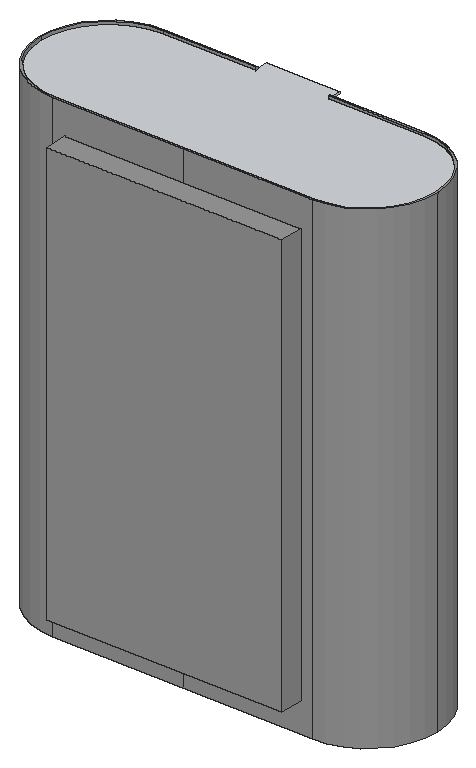
Revit family "3300 Björk_Sanitary bin", category Furniture Systems, host Wall, Revit 2017
Family settings
  Host = Wall
  Round Connector Dimension = Use Diameter
  Part Type = Normal
  Always vertical = Yes
  Cut with Voids When Loaded = No
  Shared = No
  Room Calculation Point = No
Parameters (values of type "WHITE")
  URL = "http://www.dandryer.com/"
  Surface Top = WHITE
  Surface Frame = WHITE
  Surface Bottom = WHITE
  Open = no
  Offset from floor = 150 mm
  Manufacturer = "Dan Dryer A/S"
  Description = "Sanitary bin"
  Closed = yes
Reference planes
  plane 1 "Wall": y = 0
  plane 2 "Center (Left/Right)": x = 125
  plane 3 "Back": y = 75
Text (mm)
  text "Placement Side" at (-1848.837, 1116.779, 0), in view "Ref. Level"
  text "Placement side" at (0, 1409.804, 2854.306), in view "Left"
  text "Placement side" at (0, 499.811, 2980.732), in view "Right"
Dimensions and locks
  locked: plane 3 "Back" to host wall
  "Offset from floor": nested 1 to level
  aligned and locked: plane 1 "Wall" to host wall
  aligned and locked: plane 3 "Back" to nested 1
Nested families
  nested 1: "Master Björk Sanitary bin" at (125, 151.5, 150) x (-1, 0, 0) z (0, 0, 1), type "Master Björk Sanitary bin"
    with Open no
Definition of nested family "Master Björk Sanitary bin"
  Parameters (values of type "Master Björk Sanitary bin")
    Surface Top = none
    Surface Frame = none
    Surface Bottom = none
    Open = yes
    Closed = yes
  Reference planes
    plane 1 "Center (Front/Back)": y = 0
    plane 2: z = 0
    plane 3 "Center (Left/Right)": x = 0
  Dimensions and locks
    aligned and locked: level to plane 2
  Nested families
    nested 1: "Top - Bottom" at (0, 0, 0), visible <- "Closed", type "Top - Bottom"
    nested 2: "Frame" at (0, 0, 0), type "Frame"
    nested 3: "Top - Bottom Open" at (0, 0, 0), visible <- "Open", type "Top - Bottom Open"
  Definition of nested family "Top - Bottom"
    Parameters (values of type "Top - Bottom")
      Surface Frame = none
      Surface Bottom = none
    Reference planes
      plane 1 "Center (Front/Back)": y = 0
      plane 2: z = 0
      plane 3 "Center (Left/Right)": x = 0
    Forms (mm)
      Extrusion 1, solid, material <- "Surface Bottom"
        sketch origin (0, 129.723, 20) x (0, -1, 0) y (1, 0, 0)
          loop
            arc (73.723, -107.5) -> (90.125, -147.098) -> (129.723, -163.5) r 56
            arc (129.723, -163.5) -> (169.321, -147.098) -> (185.723, -107.5) r 56
            line (185.723, -107.5) -> (185.723, 107.5)
            arc (185.723, 107.5) -> (169.321, 147.098) -> (129.723, 163.5) r 56
            arc (129.723, 163.5) -> (90.125, 147.098) -> (73.723, 107.5) r 56
            line (73.723, 107.5) -> (73.723, -107.5)
        from 0 to 1.5
      Extrusion 2, solid
        sketch origin (0, 129.723, 396.5) x (0, -1, 0) y (1, 0, 0)
          loop
            arc (73.723, -107.5) -> (90.125, -147.098) -> (129.723, -163.5) r 56
            arc (129.723, -163.5) -> (169.321, -147.098) -> (185.723, -107.5) r 56
            line (185.723, -107.5) -> (185.723, -30) -> (197.223, -30) -> (197.223, 0) -> (197.223, 30) -> (185.723, 30) -> (185.723, 107.5)
            arc (185.723, 107.5) -> (169.321, 147.098) -> (129.723, 163.5) r 56
            arc (129.723, 163.5) -> (90.125, 147.098) -> (73.723, 107.5) r 56
            line (73.723, 107.5) -> (73.723, -107.5)
        from 0 to 1.5
    Lines and regions (mm)
      reference lines
        curve 1: line (0, 129.723, 396.5) -> (0, -190.277, 396.5)
        curve 2: line (0, 129.723, 20) -> (0, -150.277, 20)
    Dimensions and locks
      aligned and locked: level to plane 2
  Definition of nested family "Frame"
    Parameters (values of type "Frame")
      Surface Top = none
      Surface Frame = none
      Surface Bottom = none
    Reference planes
      plane 1 "Center (Front/Back)": y = 0
      plane 2: z = 0
      plane 3 "Center (Left/Right)": x = 0
    Forms (mm)
      Extrusion 1, solid, material <- "Surface Frame"
        sketch origin (0, 0, 0) x (1, 0, 0) y (0, 1, 0)
          loop
            line (0, 57.5) -> (-107.5, 57.5)
            arc (-107.5, 57.5) -> (-148.159, 40.659) -> (-165, 0) r 57.5
            arc (-165, 0) -> (-148.159, -40.659) -> (-107.5, -57.5) r 57.5
            line (-107.5, -57.5) -> (0, -57.5) -> (107.5, -57.5)
            arc (107.5, -57.5) -> (148.159, -40.659) -> (165, 0) r 57.5
            arc (165, 0) -> (148.159, 40.659) -> (107.5, 57.5) r 57.5
            line (107.5, 57.5) -> (0, 57.5)
          loop
            arc (-107.5, 56) -> (-147.098, 39.598) -> (-163.5, 0) r 56
            arc (-163.5, 0) -> (-147.098, -39.598) -> (-107.5, -56) r 56
            line (-107.5, -56) -> (107.5, -56)
            arc (107.5, -56) -> (147.098, -39.598) -> (163.5, 0) r 56
            arc (163.5, 0) -> (147.098, 39.598) -> (107.5, 56) r 56
            line (107.5, 56) -> (-107.5, 56)
        from 0 to 400
      Extrusion 2, solid, material <- "Surface Frame"
        sketch origin (0, 57.5, 0) x (-1, 0, 0) y (0, 0, 1)
          loop
            line (-97.5, 375) -> (-97.5, 25) -> (97.5, 25) -> (97.5, 375) -> (-97.5, 375)
        from 0 to 19
      Extrusion 3, void
        sketch origin (0, 0, 0) x (1, 0, 0) y (0, 1, 0)
          loop
            line (-30, -53.768) -> (-30, -68.768) -> (30, -68.768) -> (30, -53.768) -> (-30, -53.768)
        from 396.5 to 403.782
    Cuts and joins
      Extrusion 3 cuts Extrusion 1
    Dimensions and locks
      cut or joined group of Extrusion 1, Extrusion 3 to cut or joined group of Extrusion 1, Extrusion 3 = 3.5 mm
      aligned and locked: level to plane 2
  Definition of nested family "Top - Bottom Open"
    Parameters (values of type "Top - Bottom Open")
      Surface Frame = none
      Surface Bottom = none
    Reference planes
      plane 1 "Center (Front/Back)": y = 0
      plane 2: z = 0
      plane 3 "Center (Left/Right)": x = 0
    Forms (mm)
      Extrusion 1, solid, material <- "Surface Bottom"
        sketch origin (0, 129.723, 20) x (0, -1, 0) y (1, 0, 0)
          loop
            arc (73.723, -107.5) -> (90.125, -147.098) -> (129.723, -163.5) r 56
            arc (129.723, -163.5) -> (169.321, -147.098) -> (185.723, -107.5) r 56
            line (185.723, -107.5) -> (185.723, 107.5)
            arc (185.723, 107.5) -> (169.321, 147.098) -> (129.723, 163.5) r 56
            arc (129.723, 163.5) -> (90.125, 147.098) -> (73.723, 107.5) r 56
            line (73.723, 107.5) -> (73.723, -107.5)
        from 0 to 1.5
      Extrusion 2, solid
        sketch origin (0, 54.5, 324.277) x (0, 0, 1) y (1, 0, 0)
          loop
            arc (73.723, -107.5) -> (90.125, -147.098) -> (129.723, -163.5) r 56
            arc (129.723, -163.5) -> (169.321, -147.098) -> (185.723, -107.5) r 56
            line (185.723, -107.5) -> (185.723, -30) -> (197.223, -30) -> (197.223, 0) -> (197.223, 30) -> (185.723, 30) -> (185.723, 107.5)
            arc (185.723, 107.5) -> (169.321, 147.098) -> (129.723, 163.5) r 56
            arc (129.723, 163.5) -> (90.125, 147.098) -> (73.723, 107.5) r 56
            line (73.723, 107.5) -> (73.723, -107.5)
        from 0 to 1.5
    Lines and regions (mm)
      reference lines
        curve 1: line (0, 129.723, 396.5) -> (0, -190.277, 396.5)
        curve 2: line (0, 129.723, 20) -> (0, -150.277, 20)
    Dimensions and locks
      aligned and locked: level to plane 2
